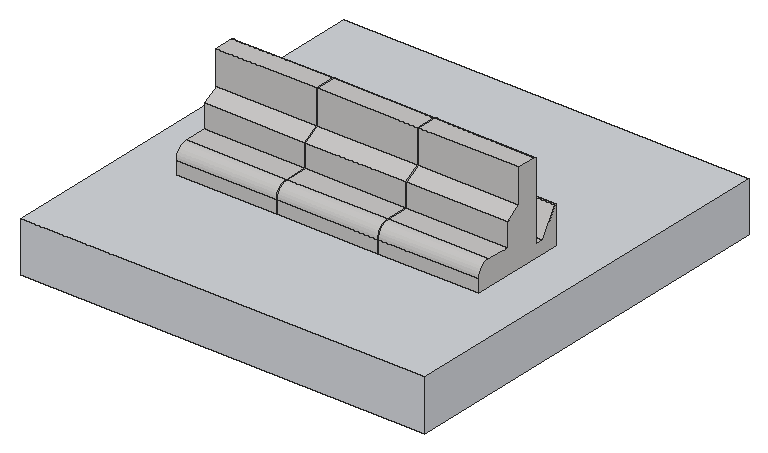
Revit family
Parameters (values of type "8981-3-IS-RL")
  Waste Connection = yes
  WFU = 0
  Voltage = 0
  Vent Connection = no
  URL = "http://www.neo-metro.com"
  Type Comments = ""
  Tempered Water Connection = no
  Revised Date = "03/19/13"
  Phone# = "626-336-4561"
  PDM-HP - Metering Liquid Soap System (Mira) = no
  PDM - Metering Liquid Soap System (Satin) = no
  Model = "8981-3-IS-RL"
  Material = Stainless Steel
  Manufacturer = "Neo-Metro"
  HWFU = 0
  HW Connection = yes
  HTR - Electric Water Heater = no
  Designed By = "ATS BIM Team"
  Description = "Straight Front Washbasin"
  Default Elevation = 34"
  DMJ-SO - Sensor Operated (Plug-in Power Supply) Deck Mounted L-Spout = no
  DMJ-SO - Sensor Operated (Plug-in Power Supply) Deck Mounted J-Spout = no
  DMJ-H - Hand Operated Deck Mounted L-Spout = no
  DMJ-H - Hand Operated Deck Mounted J-Spout = no
  CWFU = 0
  CW Connection = yes
  Assembly Code = ""
  Amperage = 0
  9 - Punching for Valve (Customer will provide own faucet/valves. Neo-Metro will provide hole punching to accomodate Customer's faucet.) Please provide Neo-Metro with faucet's specification drawings. (All holes punchings will be the same diameter.) = no
Reference planes (in)
  plane 1 "Center (Front/Back)": y = 0
  plane 2: z = 0
  plane 3 "Center (Left/Right)": x = 0
  plane 4: z = 21.5
  plane 5: y = -17
  plane 6: y = 6
  plane 7: y = -5
  plane 8: z = 6
  plane 9: y = -8.5
  plane 10: z = 9
  plane 11: z = 3
  plane 12: x = -36
  plane 13: x = 12
  plane 14: x = -24
  plane 15: x = 36
  plane 16: x = 24
  plane 17: x = -12
Forms (in)
  Extrusion 1, solid
    sketch origin (0, 0, 0) x (1, 0, 0) y (0, 1, 0)
      loop
        line (-48, 48) -> (-48, -48) -> (48, -48) -> (48, 48) -> (-48, 48)
    from 0 to -12
  Extrusion 2, solid, material "Stainless Steel" <- "Material"
    sketch origin (-24, 0, 0) x (0, -1, 0) y (0, 0, 1)
      loop
        line (-6, 0) -> (17, 0) -> (17, 3)
        arc (17, 3) -> (16.12132, 5.12132) -> (14, 6) r 3
        line (14, 6) -> (8.5, 6) -> (8.5, 11.47927) -> (5, 13.5) -> (5, 21.5) -> (0.25, 21.5)
        arc (0.25, 21.5) -> (0.07322, 21.42678) -> (0, 21.25) r 0.25
        line (0, 21.25) -> (0, 3) -> (-2.0359, 3) -> (-5.5, 9) -> (-6, 9) -> (-6, 0)
    from -12 to 12
  Revolve 3, void
    sketch origin (-24, 0, 12.125) x (1, 0, 0) y (0, 1, 0)
      loop
        line (0, 0) -> (0, -4)
        arc (0, -4) -> (4.36451, -2.96487) -> (7.77533, -0.05167) r 9.55235
        arc (7.77533, -0.05167) -> (7.81974, -0.01366) -> (7.87656, 0) r 0.125
        line (7.87656, 0) -> (8, 0) -> (8, 0.58601) -> (0, 0.58601) -> (0, 0)
      axis (0, -4) -> (0, 0.58601)
    angle from -90 to 270
  Extrusion 4, void
    sketch origin (-24, 0, 0) x (1, 0, 0) y (0, 0, 1)
      loop
        circle (0, 12.08772) r 0.75
    from 3.71669 to 5.37972
  Revolve 5, solid, material "Stainless Steel" <- "Material"
    sketch origin (-24, 4.95425, -2.11118) x (0, 0.275637, -0.961262) y (0, 0.961262, 0.275637)
      loop
        line (-9.65598, 1.43409) -> (-9.50729, 1.25047) -> (-9.60643, 1.17019) -> (-9.55254, 1.10365) -> (-9.40779, 1.22086) -> (-9.46168, 1.28741) -> (-9.41281, 1.32698) -> (-9.35892, 1.26043) -> (-9.04029, 1.51846)
        arc (-9.04029, 1.51846) -> (-8.89852, 1.7498) -> (-8.93392, 2.01881) r 0.40645
        line (-8.93392, 2.01881) -> (-9.65598, 1.43409)
      axis (-9.75512, 1.35382) -> (-8.93392, 2.01881)
    angle from 0 to 360
  Revolve 6, solid, material "Stainless Steel" <- "Material"
    sketch origin (-24, 2.86383, -1.30923) x (0, 1, 0) y (0, 0, -1)
      loop
        line (0.98704, -8.30923) -> (1.81136, -8.30923) -> (1.81136, -7.73785) -> (1.55843, -7.73785)
        arc (1.55843, -7.73785) -> (1.1544, -7.9052) -> (0.98704, -8.30923) r 0.57138
      axis (1.81136, -8.30923) -> (0.98704, -8.30923)
    angle from 0 to 360
  Extrusion 7, void
    sketch origin (-24, 0, 0) x (1, 0, 0) y (0, 1, 0)
      loop
        line (-11.75, -5) -> (-12, -5) -> (-12, -17) -> (-11.75, -17) -> (-11.75, -5)
      loop
        line (59.75, -5) -> (59.75, -17) -> (60, -17) -> (60, -5) -> (59.75, -5)
    from 0 to 21.5
  Extrusion 8, solid, material "Stainless Steel" <- "Material"
    sketch origin (0, 0, 0) x (0, -1, 0) y (0, 0, 1)
      loop
        line (-6, 0) -> (17, 0) -> (17, 3)
        arc (17, 3) -> (16.12132, 5.12132) -> (14, 6) r 3
        line (14, 6) -> (8.5, 6) -> (8.5, 11.47927) -> (5, 13.5) -> (5, 21.5) -> (0.25, 21.5)
        arc (0.25, 21.5) -> (0.07322, 21.42678) -> (0, 21.25) r 0.25
        line (0, 21.25) -> (0, 3) -> (-2.0359, 3) -> (-5.5, 9) -> (-6, 9) -> (-6, 0)
    from -12 to 12
  Revolve 9, void
    sketch origin (0, 0, 12.125) x (1, 0, 0) y (0, 1, 0)
      loop
        line (0, 0) -> (0, -4)
        arc (0, -4) -> (4.36451, -2.96487) -> (7.77533, -0.05167) r 9.55235
        arc (7.77533, -0.05167) -> (7.81974, -0.01366) -> (7.87656, 0) r 0.125
        line (7.87656, 0) -> (8, 0) -> (8, 0.58601) -> (0, 0.58601) -> (0, 0)
      axis (0, -4) -> (0, 0.58601)
    angle from -90 to 270
  Extrusion 10, void
    sketch origin (0, 0, 0) x (1, 0, 0) y (0, 0, 1)
      loop
        circle (0, 12.08772) r 0.75
    from 3.71669 to 5.37972
  Revolve 11, solid, material "Stainless Steel" <- "Material"
    sketch origin (0, 4.95425, -2.11118) x (0, 0.275637, -0.961262) y (0, 0.961262, 0.275637)
      loop
        line (-9.65598, 1.43409) -> (-9.50729, 1.25047) -> (-9.60643, 1.17019) -> (-9.55254, 1.10365) -> (-9.40779, 1.22086) -> (-9.46168, 1.28741) -> (-9.41281, 1.32698) -> (-9.35892, 1.26043) -> (-9.04029, 1.51846)
        arc (-9.04029, 1.51846) -> (-8.89852, 1.7498) -> (-8.93392, 2.01881) r 0.40645
        line (-8.93392, 2.01881) -> (-9.65598, 1.43409)
      axis (-9.75512, 1.35382) -> (-8.93392, 2.01881)
    angle from 0 to 360
  Revolve 12, solid, material "Stainless Steel" <- "Material"
    sketch origin (0, 2.86383, -1.30923) x (0, 1, 0) y (0, 0, -1)
      loop
        line (0.98704, -8.30923) -> (1.81136, -8.30923) -> (1.81136, -7.73785) -> (1.55843, -7.73785)
        arc (1.55843, -7.73785) -> (1.1544, -7.9052) -> (0.98704, -8.30923) r 0.57138
      axis (1.81136, -8.30923) -> (0.98704, -8.30923)
    angle from 0 to 360
  Extrusion 13, solid, material "Stainless Steel" <- "Material"
    sketch origin (24, 0, 0) x (0, -1, 0) y (0, 0, -1)
      loop
        line (-6, 0) -> (-6, -9) -> (-5.5, -9) -> (-2.0359, -3) -> (0, -3) -> (0, -21.25)
        arc (0, -21.25) -> (0.07322, -21.42678) -> (0.25, -21.5) r 0.25
        line (0.25, -21.5) -> (5, -21.5) -> (5, -13.5) -> (8.5, -11.47927) -> (8.5, -6) -> (14, -6)
        arc (14, -6) -> (16.12132, -5.12132) -> (17, -3) r 3
        line (17, -3) -> (17, 0) -> (-6, 0)
    from -12 to 12
  Revolve 14, void
    sketch origin (24, 0, 12.125) x (-1, 0, 0) y (0, -1, 0)
      loop
        line (0, 0) -> (0, -0.58601) -> (8, -0.58601) -> (8, 0) -> (7.87656, 0)
        arc (7.87656, 0) -> (7.81974, 0.01366) -> (7.77533, 0.05167) r 0.125
        arc (7.77533, 0.05167) -> (4.36451, 2.96487) -> (0, 4) r 9.55235
        line (0, 4) -> (0, 0)
      axis (0, 4) -> (0, -0.58601)
    angle from -90 to 270
  Extrusion 15, void
    sketch origin (24, 0, 0) x (-1, 0, 0) y (0, 0, -1)
      loop
        circle (0, -12.08772) r 0.75
    from 3.71669 to 5.37972
  Revolve 16, solid, material "Stainless Steel" <- "Material"
    sketch origin (24, 4.95425, -2.11118) x (0, 0.275637, -0.961262) y (0, -0.961262, -0.275637)
      loop
        line (-9.65598, -1.43409) -> (-8.93392, -2.01881)
        arc (-8.93392, -2.01881) -> (-8.89852, -1.7498) -> (-9.04029, -1.51846) r 0.40645
        line (-9.04029, -1.51846) -> (-9.35892, -1.26043) -> (-9.41281, -1.32698) -> (-9.46168, -1.28741) -> (-9.40779, -1.22086) -> (-9.55254, -1.10365) -> (-9.60643, -1.17019) -> (-9.50729, -1.25047) -> (-9.65598, -1.43409)
      axis (-9.75512, -1.35382) -> (-8.93392, -2.01881)
    angle from 0 to 360
  Revolve 17, solid, material "Stainless Steel" <- "Material"
    sketch origin (24, 2.86383, -1.30923) x (0, 1, 0) y (0, 0, 1)
      loop
        arc (0.98704, 8.30923) -> (1.1544, 7.9052) -> (1.55843, 7.73785) r 0.57138
        line (1.55843, 7.73785) -> (1.81136, 7.73785) -> (1.81136, 8.30923) -> (0.98704, 8.30923)
      axis (1.81136, 8.30923) -> (0.98704, 8.30923)
    angle from 0 to 360
Cuts and joins
  Revolve 3, Extrusion 4, Extrusion 7, Revolve 9, Extrusion 10, Revolve 14, Extrusion 15 cuts Extrusion 2
  Extrusion 7, Revolve 9, Extrusion 10 cuts Extrusion 8
  Revolve 14, Extrusion 15 cuts Extrusion 13
Dimensions and locks (in)
  plane 12 to plane 15 = 72"
  plane 2 to plane 4 = 21 1/2"
  plane 10 to plane 2 = 9"
  plane 8 to plane 2 = 6"
  plane 7 to plane 1 "Center (Front/Back)" = 5"
  plane 9 to plane 7 = 3 1/2"
  plane 5 to plane 7 = 12"
  plane 5 to plane 1 "Center (Front/Back)" to plane 6 = 17", 6"
  plane 12 to plane 14 to plane 3 "Center (Left/Right)" to plane 16 to plane 15 = 12", 24", 24", 12"
  aligned and locked: plane 2 to Extrusion 1
  aligned and locked: level to Extrusion 1
